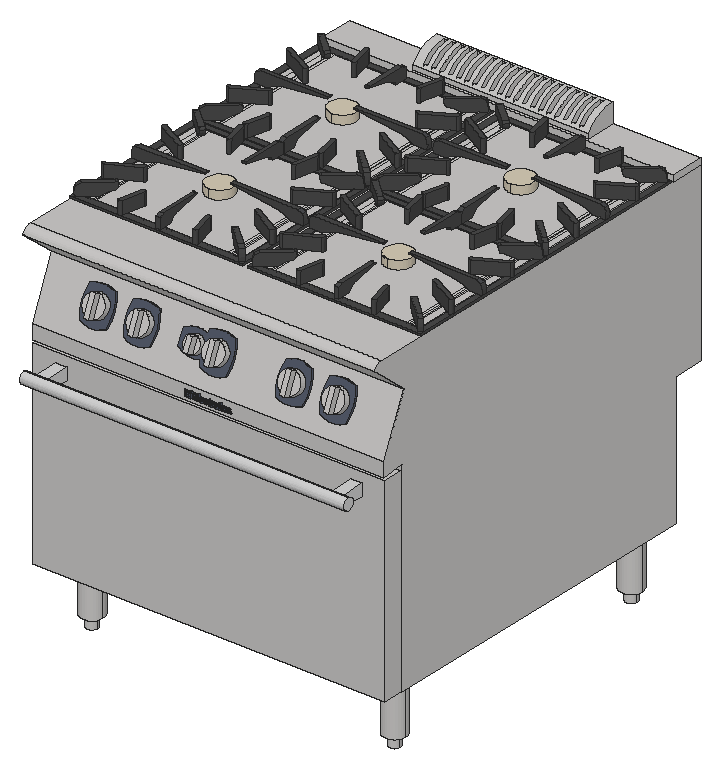
Revit family "QF_ELECTROLUXPROFESSIONAL_391007_E9GCGH4CVL", category Specialty Equipment, Revit 2018 (continued)
Automatic sketch dimensions
  Extrusion 7 sketch curve to Extrusion 7 sketch curve = 5.786 mm  (x2)
  Extrusion 7 sketch curve to Extrusion 7 sketch curve = 88.428 mm
  Extrusion 24 sketch curve to Extrusion 24 sketch curve = 0 mm  (x2)
  Extrusion 1 to Extrusion 24 sketch curve = 166.4 mm
  Extrusion 24 sketch curve to Extrusion 24 sketch curve = 6.4 mm
  Extrusion 1 to Extrusion 24 sketch curve = 248 mm
  Extrusion 5 sketch curve to Extrusion 5 sketch curve = 15.898 mm  (x2)
  Extrusion 5 sketch curve to Extrusion 5 sketch curve = 29.185 mm
  Revolve 13 sketch curve to plane 18 = 12.562 mm  (x2)
  Revolve 15 sketch curve to plane 18 = 12.562 mm  (x2)
  Extrusion 5 sketch curve to Extrusion 5 sketch curve = 33.814 mm
  plane 3 "LEFT" to Revolve 14 sketch curve = 55.563 mm
  Revolve 14 sketch curve to Revolve 14 sketch curve = 0 mm
  Revolve 14 sketch curve to Revolve 14 sketch curve = 12.7 mm
  Revolve 14 sketch curve to Revolve 14 sketch curve = 25.4 mm
  plane 3 "LEFT" to Revolve 16 sketch curve = 55.563 mm
  Revolve 16 sketch curve to Revolve 16 sketch curve = 0 mm
  plane 5 "FRONT" to curve 1 = 0 mm
  curve 10 to plane 3 "LEFT" = 0 mm
  curve 5 to plane 4 "RIGHT" = 0 mm
  curve 10 to plane 15 = 0 mm
  plane 5 "FRONT" to curve 9 = 0 mm
  plane 1 "BACK" to curve 4 = 0 mm
  curve 1 to plane 3 "LEFT" = 100.013 mm
  curve 3 to plane 4 "RIGHT" = 100.013 mm
  curve 3 to plane 5 "FRONT" = 0.396 mm
  plane 11 to curve 7 = 4.762 mm
  curve 2 to plane 1 "BACK" = 100.013 mm
  plane 5 "FRONT" to curve 13 = 7.706 mm
  plane 19 to curve 13 = 25.075 mm
  plane 19 to curve 19 = 5.2 mm
  curve 22 to plane 19 = 20.2 mm
  curve 17 to plane 20 = 20.2 mm
  plane 20 to curve 23 = 5.2 mm
  plane 18 to curve 15 = 12.075 mm
  plane 5 "FRONT" to curve 12 = 33.106 mm
  curve 17 to curve 17 = 23.508 mm
  curve 12 to curve 20 = 9.598 mm
  curve 18 to curve 17 = 7.706 mm
  curve 15 to curve 16 = 7.706 mm
  radius of Extrusion 17 sketch curve to Extrusion 19 = 0 mm
  radius of Extrusion 11 sketch curve = 6.4 mm
  radius of Extrusion 21 sketch curve = 6.4 mm
  radius of Extrusion 22 sketch curve = 6.4 mm
  radius of Extrusion 23 sketch curve = 6.35 mm
  radius of Extrusion 6 sketch curve = 25.4 mm  (x5)
  radius of Extrusion 6 sketch curve = 19.05 mm
  radius of Extrusion 7 sketch curve to Extrusion 6 = 0 mm  (x6)
Nested families
  nested 1: "371009_BURNER" at (393.7, -440.488, 0) x (-1, 0, 0) z (0, 0, 1), type "371009_BURNER"
    with Type Mark "", Status "", Specification by User "", Revision Code "", Item Number "", Installed By "", Identify Quantity as Lot yes, Furnished By "", Foodservice Equipment Identifier yes
  nested 2: "371009_BURNER" at (393.7, -440.488, 0) x (-1, 0, 0) z (0, 0, 1), type "371009_BURNER"
    with Type Mark "", Status "", Specification by User "", Revision Code "", Item Number "", Installed By "", Identify Quantity as Lot yes, Furnished By "", Foodservice Equipment Identifier yes
  nested 3: "371009_BURNER" at (406.4, -440.488, 0), type "371009_BURNER"
    with Type Mark "", Status "", Specification by User "", Revision Code "", Item Number "", Installed By "", Identify Quantity as Lot yes, Furnished By "", Foodservice Equipment Identifier yes
  nested 4: "371009_BURNER" at (406.4, -440.488, 0), type "371009_BURNER"
    with Type Mark "", Status "", Specification by User "", Revision Code "", Item Number "", Installed By "", Identify Quantity as Lot yes, Furnished By "", Foodservice Equipment Identifier yes
Connectors
  piping at (757.1, -30, 406.813), diameter 12.8
    settings: on Extrusion 11, index 1, connector inside diameter 0.50394", connector length 0 mm, flow factor 0, pipe flow 0 GPM, pressure drop 0.00 psi, fitting loss kfactor 0, connector angle 0.00°, fixture units 0, engagement length 0 mm, angle of deflection 0.00°, flow configuration 1, flow direction 1, fitting loss method 0, system type 7, joint type 0, gender type 0, connector reference index -1, connector utility 0, adjustable connector no, is connector primary yes, connector description "GAS"
  electrical at (552.1, -59, 310), driven by "Volts", driven by "Watts"
    settings: on Extrusion 24, index 2, voltage 230 V, apparent load 0 VA, apparent load phase1 0 VA, apparent load phase2 0 VA, apparent load phase3 0 VA, power factor 1, load classification "Other", number of poles 1, system type 30, power factor state 1, is connector primary yes, connector utility no, sub classification motor no, connector description "ELECTRICAL CONNECTION"
Definition of nested family "371009_BURNER"
  Parameters
    Weight in Pounds = 0
    URL Cutsheet = ""
    URL = "www.electrolux.com"
    Type Mark [instance] = ""
    Status [instance] = ""
    Specification by User [instance] = ""
    Specification by Manufacturer = ""
    Show Clearance [instance] = yes
    Serial Number = ""
    Seismic Rating = ""
    SMACNA No = ""
    Revision Code [instance] = ""
    Omniclass Number and Title = ""
    NAFEM Spec ID Number = ""
    Model = "371009"
    Masterspec = ""
    Manufacturer = "ELECTROLUX"
    Item Number [instance] = ""
    Installed By [instance] = ""
    Identify Quantity as Lot [instance] = yes
    Furnished By [instance] = ""
    Foodservice Equipment Identifier [instance] = yes
    Description = ""
    CSI MasterFormat = ""
    CSI Master Format = ""
  Reference planes
    plane 1 "BACK": y = 0
    plane 2: z = 0
    plane 3 "LEFT": x = 0
    plane 4 "RIGHT": x = 393.7
    plane 5 "FRONT": y = -355.6
    plane 6 "TOP": z = 908.85
    plane 7 "Center Y": x = 196.85
    plane 8 "Center X": y = -177.8
    plane 9 "Base": z = 150
    plane 10: z = 850.85
  Forms (mm)
    Extrusion 1, solid
      sketch origin (-6.433, -404.961, 5) x (1, 0, 0) y (0, 0, -1)
        loop
          arc (7.142, -850.85) -> (6.739, -862.989) -> (9.761, -874.752) r 42.809
          line (9.761, -874.752) -> (19.961, -879.425) -> (173.122, -879.425)
          arc (173.122, -879.425) -> (174.316, -878.312) -> (173.289, -877.043) r 1.197
          line (173.289, -877.043) -> (64.848, -864.021)
          arc (64.848, -864.021) -> (50.111, -858.738) -> (36.589, -850.85) r 85.245
          line (36.589, -850.85) -> (7.142, -850.85)
        loop
          line (399.424, -850.85) -> (369.977, -850.85)
          arc (369.977, -850.85) -> (356.455, -858.738) -> (341.718, -864.021) r 85.245
          line (341.718, -864.021) -> (233.277, -877.043)
          arc (233.277, -877.043) -> (232.25, -878.312) -> (233.444, -879.425) r 1.197
          line (233.444, -879.425) -> (386.605, -879.425) -> (396.806, -874.752)
          arc (396.806, -874.752) -> (399.827, -862.989) -> (399.424, -850.85) r 42.809
      from 224.564 to 234.564
    Extrusion 2, solid
      sketch origin (196.85, 175.397, 1219.2) x (0, 1, 0) y (0, 0, 1)
        loop
          line (-204.463, -363.35) -> (-175.397, -363.35) -> (-175.397, -339.506)
          arc (-175.397, -339.506) -> (-181.025, -338.266) -> (-185.611, -334.775) r 13.39
          line (-185.611, -334.775) -> (-278.903, -334.775)
          arc (-278.903, -334.775) -> (-280.097, -335.888) -> (-279.07, -337.157) r 1.197
          line (-279.07, -337.157) -> (-227.151, -347.464)
          arc (-227.151, -347.464) -> (-213.741, -352.457) -> (-204.463, -363.35) r 28.426
        loop
          arc (-496.332, -363.35) -> (-487.053, -352.457) -> (-473.644, -347.464) r 28.426
          line (-473.644, -347.464) -> (-421.725, -337.157)
          arc (-421.725, -337.157) -> (-420.697, -335.888) -> (-421.891, -334.775) r 1.197
          line (-421.891, -334.775) -> (-515.184, -334.775)
          arc (-515.184, -334.775) -> (-519.769, -338.266) -> (-525.397, -339.506) r 13.39
          line (-525.397, -339.506) -> (-525.397, -363.35) -> (-496.332, -363.35)
      from -5 to 5
    Extrusion 3, solid
      sketch origin (-6.433, 367.064, 850.85) x (0, -1, 0) y (1, 0, 0)
        loop
          line (722.664, 6.433) -> (722.664, 400.133) -> (367.064, 400.133) -> (367.064, 6.433) -> (722.664, 6.433)
        loop
          line (382.064, 21.433) -> (707.664, 21.433) -> (707.664, 385.133) -> (382.064, 385.133) -> (382.064, 21.433)
      from 0 to 5
    Extrusion 4, solid
      sketch origin (-18.933, 367.064, 855.85) x (0, -1, 0) y (1, 0, 0)
        loop
          circle (541.667, 215.783) r 30
      from -1.321 to 17.134
    Extrusion 5, solid
      sketch origin (-6.433, -367.064, 0) x (1, 0, 0) y (0, 0, -1)
        loop
          line (21.433, -855.85) -> (36.589, -855.85)
          arc (36.589, -855.85) -> (40.561, -855.243) -> (44.305, -853.783) r 18.259
          arc (44.305, -853.783) -> (45.997, -853.366) -> (47.69, -853.783) r 3.649
          arc (47.69, -853.783) -> (49.901, -854.522) -> (52.232, -854.529) r 7.328
          line (52.232, -854.529) -> (354.334, -854.529)
          arc (354.334, -854.529) -> (356.666, -854.522) -> (358.877, -853.783) r 7.328
          arc (358.877, -853.783) -> (360.569, -853.366) -> (362.261, -853.783) r 3.649
          arc (362.261, -853.783) -> (366.005, -855.243) -> (369.977, -855.85) r 18.259
          line (369.977, -855.85) -> (385.133, -855.85) -> (385.133, -850.85) -> (21.433, -850.85) -> (21.433, -855.85)
      from 26.464 to 352.064
    Extrusion 6, solid
      sketch origin (83.284, -458.334, 5) x (0.742103, 0.670286, 0) y (0, 0, -1)
        loop
          arc (88.629, -864.012) -> (73.909, -858.731) -> (60.402, -850.85) r 85.245
          line (60.402, -850.85) -> (14.993, -850.85)
          arc (14.993, -850.85) -> (14.642, -862.948) -> (17.686, -874.663) r 42.876
          line (17.686, -874.663) -> (27.899, -879.425) -> (89.664, -879.425)
          arc (89.664, -879.425) -> (92.39, -878.352) -> (93.654, -875.709) r 4
          arc (93.654, -875.709) -> (92.562, -869.25) -> (88.629, -864.012) r 13.87
        loop
          arc (457.638, -864.012) -> (453.704, -869.25) -> (452.613, -875.709) r 13.87
          arc (452.613, -875.709) -> (453.876, -878.352) -> (456.603, -879.425) r 4
          line (456.603, -879.425) -> (518.367, -879.425) -> (528.581, -874.663)
          arc (528.581, -874.663) -> (531.624, -862.948) -> (531.273, -850.85) r 42.876
          line (531.273, -850.85) -> (485.865, -850.85)
          arc (485.865, -850.85) -> (472.357, -858.731) -> (457.638, -864.012) r 85.245
      from 127.064 to 137.064
    Extrusion 7, solid
      sketch origin (310.416, -458.334, 5) x (-0.742103, 0.670286, 0) y (0, 0, 1)
        loop
          arc (88.629, 864.012) -> (92.562, 869.25) -> (93.654, 875.709) r 13.87
          arc (93.654, 875.709) -> (92.39, 878.352) -> (89.664, 879.425) r 4
          line (89.664, 879.425) -> (27.899, 879.425) -> (17.686, 874.663)
          arc (17.686, 874.663) -> (14.642, 862.948) -> (14.993, 850.85) r 42.876
          line (14.993, 850.85) -> (60.402, 850.85)
          arc (60.402, 850.85) -> (73.909, 858.731) -> (88.629, 864.012) r 85.245
        loop
          arc (457.638, 864.012) -> (472.357, 858.731) -> (485.865, 850.85) r 85.245
          line (485.865, 850.85) -> (531.273, 850.85)
          arc (531.273, 850.85) -> (531.624, 862.948) -> (528.581, 874.663) r 42.876
          line (528.581, 874.663) -> (518.367, 879.425) -> (456.603, 879.425)
          arc (456.603, 879.425) -> (453.876, 878.352) -> (452.613, 875.709) r 4
          arc (452.613, 875.709) -> (453.704, 869.25) -> (457.638, 864.012) r 13.87
      from 127.064 to 137.064
    Extrusion 8, solid
      sketch origin (-6.433, 367.064, 855.85) x (0, -1, 0) y (1, 0, 0)
        loop
          arc (626.166, 9.428) -> (632.956, 7.454) -> (634.93, 14.244) r 5
          line (634.93, 14.244) -> (600.514, 76.878)
          arc (600.514, 76.878) -> (593.724, 78.852) -> (591.75, 72.062) r 5
          line (591.75, 72.062) -> (626.166, 9.428)
        loop
          line (463.562, 9.428) -> (497.977, 72.062)
          arc (497.977, 72.062) -> (496.003, 78.852) -> (489.213, 76.878) r 5
          line (489.213, 76.878) -> (454.798, 14.244)
          arc (454.798, 14.244) -> (456.772, 7.454) -> (463.562, 9.428) r 5
        loop
          line (626.166, 397.138) -> (591.75, 334.504)
          arc (591.75, 334.504) -> (593.724, 327.714) -> (600.514, 329.689) r 5
          line (600.514, 329.689) -> (634.93, 392.323)
          arc (634.93, 392.323) -> (632.956, 399.113) -> (626.166, 397.138) r 5
        loop
          arc (463.562, 397.138) -> (456.772, 399.113) -> (454.798, 392.323) r 5
          line (454.798, 392.323) -> (489.213, 329.689)
          arc (489.213, 329.689) -> (496.003, 327.714) -> (497.977, 334.504) r 5
          line (497.977, 334.504) -> (463.562, 397.138)
        loop
          line (715.14, 293.499) -> (666.703, 282.317)
          arc (666.703, 282.317) -> (662.956, 276.32) -> (668.953, 272.573) r 5
          line (668.953, 272.573) -> (717.389, 283.756)
          arc (717.389, 283.756) -> (721.136, 289.752) -> (715.14, 293.499) r 5
        loop
          arc (715.14, 113.067) -> (721.136, 116.814) -> (717.389, 122.811) r 5
          line (717.389, 122.811) -> (668.953, 133.993)
          arc (668.953, 133.993) -> (662.956, 130.246) -> (666.703, 124.249) r 5
          line (666.703, 124.249) -> (715.14, 113.067)
        loop
          arc (374.588, 293.499) -> (368.591, 289.752) -> (372.338, 283.756) r 5
          line (372.338, 283.756) -> (420.775, 272.573)
          arc (420.775, 272.573) -> (426.771, 276.32) -> (423.024, 282.317) r 5
          line (423.024, 282.317) -> (374.588, 293.499)
        loop
          line (374.588, 113.067) -> (423.024, 124.249)
          arc (423.024, 124.249) -> (426.771, 130.246) -> (420.775, 133.993) r 5
          line (420.775, 133.993) -> (372.338, 122.811)
          arc (372.338, 122.811) -> (368.591, 116.814) -> (374.588, 113.067) r 5
      from 0 to 28.575
  Lines and regions (mm)
    symbolic lines
      curve 1: line (0, -355.6, 150) -> (393.7, -355.6, 150)
      curve 2: line (0, 0, 150) -> (0, -355.6, 150)
      curve 3: line (393.7, -355.6, 150) -> (393.7, 0, 150)
      curve 4: line (369.633, -15, 150) -> (285.34, -15, 150)
      curve 5: line (24.067, -340.6, 150) -> (108.36, -340.6, 150)
      curve 6: line (157.475, -170.397, 150) -> (157.475, -15, 150)
      curve 7: line (236.225, -170.397, 150) -> (236.225, -15, 150)
      curve 8: line (201.85, -350, 150) -> (201.85, -176.674, 150)
      curve 9: line (0, -180.397, 150) -> (167.224, -180.397, 150)
      curve 10: line (393.7, -170.397, 150) -> (228.275, -170.397, 150)
      curve 11: line (15, -180.397, 150) -> (15, -252.506, 150)
      curve 12: line (45.799, -340.6, 150) -> (45.799, -320.971, 150)
      curve 13: line (167.224, -170.397, 150) -> (0, -170.397, 150)
      curve 14: line (228.275, -180.504, 150) -> (393.7, -180.504, 150)
      curve 15: arc (228.275, -170.397, 150) -> (223.221, -175.45, 150) -> (228.275, -180.504, 150) r 5.054
      curve 16: arc (167.224, -170.397, 150) -> (172.224, -175.397, 150) -> (167.224, -180.397, 150) r 5
      curve 17: line (191.85, -176.674, 150) -> (191.85, -350, 150)
      curve 18: line (201.85, -134.556, 150) -> (201.85, -0.794, 150)
      curve 19: arc (201.85, -176.674, 150) -> (196.85, -171.674, 150) -> (191.85, -176.674, 150) r 5
      curve 20: arc (201.85, -134.556, 150) -> (196.85, -139.556, 150) -> (191.85, -134.556, 150) r 5
      curve 21: line (191.85, -15, 150) -> (118.623, -15, 150)
      curve 22: arc (201.85, -29.042, 150) -> (213.272, -50.008, 150) -> (201.85, -70.973, 150) r 24.953
      curve 23: arc (213.086, -53.048, 150) -> (214.5, -50.008, 150) -> (213.086, -46.967, 150) r 3.975
      curve 24: arc (191.85, -29.852, 150) -> (181.339, -50.008, 150) -> (191.85, -70.163, 150) r 24.58
      curve 25: arc (181.527, -53.042, 150) -> (179.976, -50.008, 150) -> (181.527, -46.973, 150) r 3.745
      curve 26: line (191.85, -0.794, 150) -> (191.85, -134.556, 150)
      curve 27: line (191.85, -350, 150) -> (201.85, -350, 150)
      curve 28: line (191.85, -11.007, 150) -> (201.85, -11.007, 150)
      curve 29: line (191.85, -0.794, 150) -> (201.85, -0.794, 150)
      curve 30: line (201.85, -340.6, 150) -> (275.077, -340.6, 150)
      curve 31: arc (196.85, -145.397, 0) -> (166.955, -172.888, 0) -> (191.85, -204.977, 0) r 30
      curve 32: arc (201.85, -204.977, 0) -> (226.745, -172.888, 0) -> (196.85, -145.397, 0) r 30
      curve 33: arc (158.678, -180.397, 0) -> (170.734, -200.207, 0) -> (191.85, -209.795, 0) r 39.375
      curve 34: line (163.825, -170.397, 150) -> (163.825, -15, 150)
      curve 35: line (229.875, -170.397, 150) -> (229.875, -15, 150)
      curve 36: line (144.775, -170.397, 150) -> (144.775, -15, 150)
      curve 37: line (248.925, -170.397, 150) -> (248.925, -15, 150)
      curve 38: arc (145.678, -180.397, 0) -> (161.728, -209.187, 0) -> (191.85, -222.573, 0) r 52.075
      curve 39: arc (201.85, -209.795, 0) -> (222.966, -200.207, 0) -> (235.022, -180.397, 0) r 39.375
      curve 40: arc (201.85, -222.573, 0) -> (231.931, -209.224, 0) -> (248.001, -180.504, 0) r 52.075
      curve 41: line (393.7, 0, 0) -> (0, 0, 0)
      curve 42: line (70.445, -122.149, 0) -> (7.81, -87.734, 0)
      curve 43: arc (7.81, -87.734, 0) -> (1.021, -89.708, 0) -> (2.995, -96.498, 0) r 5
      curve 44: line (2.995, -96.498, 0) -> (65.629, -130.914, 0)
      curve 45: arc (65.629, -130.914, 0) -> (72.419, -128.939, 0) -> (70.445, -122.149, 0) r 5
      curve 46: line (65.629, -224.686, 0) -> (2.995, -259.102, 0)
      curve 47: arc (2.995, -259.102, 0) -> (1.021, -265.892, 0) -> (7.81, -267.866, 0) r 5
      curve 48: line (7.81, -267.866, 0) -> (70.445, -233.451, 0)
      curve 49: arc (70.445, -233.451, 0) -> (72.419, -226.661, 0) -> (65.629, -224.686, 0) r 5
      curve 50: line (323.255, -122.149, 0) -> (385.89, -87.734, 0)
      curve 51: arc (385.89, -87.734, 0) -> (392.679, -89.708, 0) -> (390.705, -96.498, 0) r 5
      curve 52: line (390.705, -96.498, 0) -> (328.071, -130.914, 0)
      curve 53: arc (328.071, -130.914, 0) -> (321.281, -128.939, 0) -> (323.255, -122.149, 0) r 5
      curve 54: line (328.071, -224.686, 0) -> (390.705, -259.102, 0)
      curve 55: arc (390.705, -259.102, 0) -> (392.679, -265.892, 0) -> (385.89, -267.866, 0) r 5
      curve 56: line (385.89, -267.866, 0) -> (323.255, -233.451, 0)
      curve 57: arc (323.255, -233.451, 0) -> (321.281, -226.661, 0) -> (328.071, -224.686, 0) r 5
      curve 58: line (118.623, -340.6, 150) -> (191.85, -340.6, 150)
      curve 59: line (285.34, -340.6, 150) -> (369.633, -340.6, 150)
      curve 60: line (378.7, -335.314, 0) -> (378.7, -263.916, 0)
      curve 61: line (1.326, -7.935, 0) -> (58.752, -59.804, 0)
      curve 62: line (65.455, -52.383, 0) -> (8.029, -0.514, 0)
      curve 63: arc (58.752, -59.804, 0) -> (65.814, -59.445, 0) -> (65.455, -52.383, 0) r 5
      curve 64: line (1.326, -7.935, 0) -> (8.029, -0.514, 0)
      curve 65: line (392.374, -7.935, 0) -> (334.948, -59.804, 0)
      curve 66: line (328.245, -52.383, 0) -> (385.671, -0.514, 0)
      curve 67: arc (334.948, -59.804, 0) -> (327.886, -59.445, 0) -> (328.245, -52.383, 0) r 5
      curve 68: line (392.374, -7.935, 0) -> (385.671, -0.514, 0)
      curve 69: line (392.374, -347.665, 0) -> (334.948, -295.796, 0)
      curve 70: line (328.245, -303.217, 0) -> (385.671, -355.086, 0)
      curve 71: arc (334.948, -295.796, 0) -> (327.886, -296.155, 0) -> (328.245, -303.217, 0) r 5
      curve 72: line (392.374, -347.665, 0) -> (385.671, -355.086, 0)
      curve 73: line (1.326, -347.665, 0) -> (58.752, -295.796, 0)
      curve 74: line (65.455, -303.217, 0) -> (8.029, -355.086, 0)
      curve 75: arc (58.752, -295.796, 0) -> (65.814, -296.155, 0) -> (65.455, -303.217, 0) r 5
      curve 76: line (1.326, -347.665, 0) -> (8.029, -355.086, 0)
      curve 77: line (347.901, -15, 0) -> (347.901, -34.629, 0)
      curve 78: line (347.901, -320.971, 0) -> (347.901, -340.6, 0)
      curve 79: line (378.7, -252.506, 0) -> (378.7, -180.397, 0)
      curve 80: line (347.901, -246.993, 0) -> (347.901, -307.496, 0)
      curve 81: line (378.7, -170.397, 0) -> (378.7, -103.094, 0)
      curve 82: line (347.901, -180.397, 0) -> (347.901, -235.582, 0)
      curve 83: line (378.7, -91.684, 0) -> (378.7, -20.286, 0)
      curve 84: line (347.901, -120.018, 0) -> (347.901, -170.397, 0)
      curve 85: line (347.901, -48.104, 0) -> (347.901, -108.607, 0)
      curve 86: line (275.077, -15, 150) -> (201.85, -15, 150)
      curve 87: line (108.36, -15, 150) -> (24.067, -15, 150)
      curve 88: line (45.799, -40, 150) -> (45.799, -15, 150)
      curve 89: line (45.799, -108.607, 150) -> (45.799, -40, 150)
      curve 90: line (15, -20.286, 0) -> (15, -91.684, 0)
      curve 91: line (15, -103.094, 0) -> (15, -170.397, 0)
      curve 92: line (45.799, -170.397, 150) -> (45.799, -120.018, 150)
      curve 93: line (45.799, -235.582, 150) -> (45.799, -180.397, 150)
      curve 94: line (15, -263.916, 150) -> (15, -335.314, 150)
      curve 95: line (45.799, -307.496, 150) -> (45.799, -246.993, 150)
      curve 96: line (116.378, -350.325, 0) -> (127.56, -301.889, 0)
      curve 97: arc (127.56, -301.889, 0) -> (123.813, -295.892, 0) -> (117.816, -299.64, 0) r 5
      curve 98: line (117.816, -299.64, 0) -> (106.634, -348.076, 0)
      curve 99: arc (106.634, -348.076, 0) -> (110.381, -354.072, 0) -> (116.378, -350.325, 0) r 5
      curve 100: line (266.14, -301.889, 0) -> (277.322, -350.325, 0)
      curve 101: arc (277.322, -350.325, 0) -> (283.319, -354.072, 0) -> (287.066, -348.076, 0) r 5
      curve 102: line (287.066, -348.076, 0) -> (275.884, -299.64, 0)
      curve 103: arc (275.884, -299.64, 0) -> (269.887, -295.892, 0) -> (266.14, -301.889, 0) r 5
      curve 104: line (275.884, -55.96, 0) -> (287.066, -7.524, 0)
      curve 105: arc (287.066, -7.524, 0) -> (283.319, -1.528, 0) -> (277.322, -5.275, 0) r 5
      curve 106: line (277.322, -5.275, 0) -> (266.14, -53.711, 0)
      curve 107: arc (266.14, -53.711, 0) -> (269.887, -59.708, 0) -> (275.884, -55.96, 0) r 5
      curve 108: line (127.56, -53.711, 0) -> (116.378, -5.275, 0)
      curve 109: arc (116.378, -5.275, 0) -> (110.381, -1.528, 0) -> (106.634, -7.524, 0) r 5
      curve 110: line (106.634, -7.524, 0) -> (117.816, -55.96, 0)
      curve 111: arc (117.816, -55.96, 0) -> (123.813, -59.708, 0) -> (127.56, -53.711, 0) r 5
  Dimensions and locks
    equal spacing: plane 3 "LEFT", plane 7 "Center Y", plane 4 "RIGHT"
    plane 3 "LEFT" to plane 4 "RIGHT" = 393.7 mm
    equal spacing: plane 5 "FRONT", plane 8 "Center X", plane 1 "BACK"
    plane 5 "FRONT" to plane 1 "BACK" = 355.6 mm
    plane 6 "TOP" to level = 908.85 mm
    plane 9 "Base" to level = 150 mm
    plane 6 "TOP" to plane 10 = 58 mm  (x2)
    locked: Extrusion 4 sketch curve to plane 7 "Center Y" at 0
    aligned and locked: level to plane 2
  Automatic sketch dimensions
    curve 10 to plane 4 "RIGHT" = 0 mm
    curve 20 to plane 7 "Center Y" = 0 mm
    curve 19 to plane 7 "Center Y" = 0 mm
    curve 9 to plane 3 "LEFT" = 0 mm
    plane 1 "BACK" to curve 2 = 0 mm
    plane 1 "BACK" to curve 3 = 0 mm
    plane 5 "FRONT" to curve 2 = 0 mm
    curve 4 to plane 4 "RIGHT" = 24.067 mm
    curve 59 to plane 4 "RIGHT" = 24.067 mm
    plane 1 "BACK" to curve 37 = 15 mm
    plane 7 "Center Y" to curve 37 = 52.075 mm
    curve 37 to curve 7 = 12.7 mm
    curve 7 to curve 35 = 6.35 mm
    plane 8 "Center X" to curve 15 = 2.35 mm
    curve 35 to curve 15 = 1.6 mm
    plane 7 "Center Y" to curve 23 = 16.236 mm
    curve 23 to curve 23 = 0 mm
    curve 23 to curve 23 = 2.56 mm
    curve 23 to curve 24 = 4.607 mm
    plane 7 "Center Y" to curve 86 = 5 mm
    plane 7 "Center Y" to curve 27 = 5 mm
    curve 22 to plane 7 "Center Y" = 8.531 mm
    curve 22 to curve 25 = 4.597 mm
    curve 25 to curve 25 = 2.194 mm  (x2)
    curve 9 to plane 8 "Center X" = 2.597 mm
    curve 17 to curve 9 = 24.626 mm
    curve 21 to curve 34 = 28.025 mm
    curve 34 to curve 6 = 6.35 mm
    plane 8 "Center X" to curve 36 = 7.403 mm
    curve 6 to curve 36 = 12.7 mm
    plane 3 "LEFT" to curve 12 = 45.799 mm
    plane 3 "LEFT" to curve 87 = 24.067 mm
    plane 3 "LEFT" to curve 5 = 24.067 mm
    plane 1 "BACK" to curve 26 = 0.794 mm
    curve 28 to curve 86 = 3.993 mm
    curve 28 to curve 21 = 3.993 mm
    curve 86 to curve 22 = 14.042 mm
    curve 22 to curve 24 = 0.81 mm
    curve 22 to curve 23 = 17.925 mm
    curve 25 to curve 22 = 3.035 mm
    plane 8 "Center X" to curve 26 = 43.244 mm
    curve 15 to curve 15 = 5.054 mm
    plane 8 "Center X" to curve 17 = 1.126 mm
    curve 94 to curve 12 = 5.286 mm
    curve 58 to plane 5 "FRONT" = 15 mm
    curve 59 to plane 5 "FRONT" = 15 mm
    curve 8 to plane 5 "FRONT" = 5.6 mm
    plane 3 "LEFT" to Extrusion 1 sketch curve = 0.709 mm
    plane 3 "LEFT" to Extrusion 1 sketch curve = 3.327 mm
    Extrusion 1 sketch curve to Extrusion 1 sketch curve = 10.201 mm
    plane 10 to Extrusion 1 sketch curve = 5 mm  (x2)
    Extrusion 1 sketch curve to Extrusion 1 sketch curve = 29.447 mm
    Extrusion 1 sketch curve to Extrusion 1 sketch curve = 12.704 mm  (x2)
    Extrusion 1 sketch curve to Extrusion 1 sketch curve = 15.555 mm  (x2)
    plane 3 "LEFT" to Extrusion 1 sketch curve = 79.689 mm
    Extrusion 1 sketch curve to plane 7 "Center Y" = 30.161 mm
    Extrusion 1 sketch curve to Extrusion 1 sketch curve = 0.167 mm  (x2)
    plane 7 "Center Y" to Extrusion 1 sketch curve = 29.994 mm
    Extrusion 1 sketch curve to plane 4 "RIGHT" = 79.689 mm
    plane 10 to Extrusion 1 sketch curve = 18.171 mm
    Extrusion 1 sketch curve to plane 4 "RIGHT" = 58.415 mm
    Extrusion 1 sketch curve to plane 4 "RIGHT" = 13.528 mm
    Extrusion 1 sketch curve to plane 4 "RIGHT" = 3.327 mm
    Extrusion 1 sketch curve to plane 4 "RIGHT" = 0.709 mm
    Extrusion 1 sketch curve to Extrusion 1 sketch curve = 23.902 mm  (x2)
    Extrusion 1 sketch curve to plane 6 "TOP" = 26.807 mm  (x2)
    Extrusion 1 sketch curve to Extrusion 1 sketch curve = 1.185 mm  (x2)
    Extrusion 1 sketch curve to Extrusion 1 sketch curve = 5.694 mm
    Extrusion 2 sketch curve to plane 1 "BACK" = 0 mm
    plane 1 "BACK" to Extrusion 2 sketch curve = 10.213 mm
    plane 10 to Extrusion 2 sketch curve = 5 mm  (x2)
    plane 1 "BACK" to Extrusion 2 sketch curve = 29.066 mm
    plane 10 to Extrusion 2 sketch curve = 20.886 mm
    Extrusion 2 sketch curve to Extrusion 2 sketch curve = 22.688 mm  (x2)
    Extrusion 2 sketch curve to plane 10 = 7.392 mm  (x2)
    Extrusion 2 sketch curve to plane 6 "TOP" = 24.425 mm
    Extrusion 2 sketch curve to Extrusion 2 sketch curve = 51.752 mm
    Extrusion 2 sketch curve to plane 6 "TOP" = 26.807 mm  (x2)
    Extrusion 2 sketch curve to Extrusion 2 sketch curve = 0.167 mm  (x2)
    Extrusion 2 sketch curve to plane 8 "Center X" = 68.528 mm
    Extrusion 2 sketch curve to plane 5 "FRONT" = 60.248 mm
    Extrusion 2 sketch curve to Extrusion 2 sketch curve = 2.895 mm
    Extrusion 2 sketch curve to plane 5 "FRONT" = 15.813 mm
    Extrusion 2 sketch curve to plane 5 "FRONT" = 5.6 mm
    Extrusion 2 sketch curve to Extrusion 2 sketch curve = 4.731 mm
    Extrusion 2 sketch curve to Extrusion 2 sketch curve = 23.844 mm
    Extrusion 2 sketch curve to Extrusion 2 sketch curve = 1.185 mm
    plane 1 "BACK" to Extrusion 3 sketch curve = 0 mm
    Extrusion 3 sketch curve to plane 3 "LEFT" = 0 mm
    plane 5 "FRONT" to Extrusion 3 sketch curve = 0 mm
    Extrusion 3 sketch curve to plane 4 "RIGHT" = 0 mm
    plane 1 "BACK" to Extrusion 3 sketch curve = 15 mm
    Extrusion 3 sketch curve to plane 5 "FRONT" = 15 mm
    plane 3 "LEFT" to Extrusion 3 sketch curve = 15 mm
    Extrusion 3 sketch curve to plane 4 "RIGHT" = 15 mm
    Extrusion 3 to Extrusion 4 sketch curve = 159.603 mm
    Extrusion 5 sketch curve to plane 10 = 0 mm
    plane 3 "LEFT" to Extrusion 5 sketch curve = 15 mm
    Extrusion 5 sketch curve to Extrusion 5 sketch curve = 14.402 mm
    plane 10 to Extrusion 5 sketch curve = 5 mm
    Extrusion 5 sketch curve to Extrusion 5 sketch curve = 15.156 mm
    plane 10 to Extrusion 5 sketch curve = 2.933 mm  (x3)
    Extrusion 5 sketch curve to Extrusion 5 sketch curve = 7.716 mm  (x2)
    Extrusion 5 sketch curve to Extrusion 5 sketch curve = 0 mm  (x3)
    Extrusion 5 sketch curve to Extrusion 5 sketch curve = 1.692 mm  (x2)
    Extrusion 5 sketch curve to Extrusion 5 sketch curve = 3.385 mm  (x2)
    Extrusion 5 sketch curve to plane 10 = 3.559 mm  (x2)
    plane 10 to Extrusion 5 sketch curve = 3.679 mm
    Extrusion 5 sketch curve to plane 4 "RIGHT" = 45.799 mm
    Extrusion 5 sketch curve to Extrusion 5 sketch curve = 1.143 mm
    Extrusion 5 sketch curve to plane 10 = 13.244 mm
    Extrusion 5 sketch curve to plane 4 "RIGHT" = 15 mm
    plane 10 to Extrusion 6 sketch curve = 5 mm  (x2)
    Extrusion 6 sketch curve to Extrusion 6 sketch curve = 2.692 mm  (x2)
    Extrusion 6 sketch curve to Extrusion 6 sketch curve = 10.213 mm  (x2)
    plane 10 to Extrusion 6 sketch curve = 12.281 mm
    Extrusion 6 sketch curve to Extrusion 6 sketch curve = 29.348 mm  (x2)
    Extrusion 6 sketch curve to Extrusion 6 sketch curve = 3.155 mm  (x2)
    Extrusion 6 sketch curve to Extrusion 6 sketch curve = 22.572 mm
    Extrusion 6 sketch curve to Extrusion 6 sketch curve = 8.81 mm
    Extrusion 6 sketch curve to Extrusion 6 sketch curve = 9.845 mm  (x2)
    Extrusion 6 sketch curve to Extrusion 6 sketch curve = 3.99 mm  (x2)
    Extrusion 6 sketch curve to Extrusion 6 sketch curve = 0 mm  (x2)
    Extrusion 6 sketch curve to Extrusion 6 sketch curve = 49.533 mm
    Extrusion 6 sketch curve to plane 10 = 64.377 mm
    Extrusion 6 sketch curve to Extrusion 6 sketch curve = 326.397 mm
    Extrusion 6 sketch curve to plane 6 "TOP" = 28.141 mm
    Extrusion 6 sketch curve to Extrusion 6 sketch curve = 16.281 mm
    Extrusion 6 sketch curve to Extrusion 6 sketch curve = 1.035 mm
    Extrusion 6 sketch curve to Extrusion 6 sketch curve = 19.417 mm
    Extrusion 6 sketch curve to Extrusion 6 sketch curve = 4.763 mm  (x2)
    Extrusion 6 sketch curve to Extrusion 6 sketch curve = 3.716 mm
    plane 10 to Extrusion 7 sketch curve = 5 mm  (x2)
    Extrusion 7 sketch curve to Extrusion 7 sketch curve = 2.692 mm  (x2)
    Extrusion 7 sketch curve to Extrusion 7 sketch curve = 10.213 mm  (x2)
    plane 10 to Extrusion 7 sketch curve = 12.281 mm
    Extrusion 7 sketch curve to Extrusion 7 sketch curve = 29.348 mm  (x2)
    Extrusion 7 sketch curve to Extrusion 7 sketch curve = 3.155 mm  (x2)
    Extrusion 7 sketch curve to Extrusion 7 sketch curve = 22.572 mm
    Extrusion 7 sketch curve to Extrusion 7 sketch curve = 8.81 mm
    Extrusion 7 sketch curve to Extrusion 7 sketch curve = 9.845 mm  (x2)
    Extrusion 7 sketch curve to Extrusion 7 sketch curve = 3.99 mm  (x2)
    Extrusion 7 sketch curve to Extrusion 7 sketch curve = 0 mm  (x2)
    Extrusion 7 sketch curve to Extrusion 7 sketch curve = 21.306 mm
    Extrusion 7 sketch curve to plane 10 = 64.377 mm  (x2)
    Extrusion 7 sketch curve to Extrusion 7 sketch curve = 326.397 mm
    Extrusion 7 sketch curve to plane 6 "TOP" = 28.141 mm
    Extrusion 7 sketch curve to Extrusion 7 sketch curve = 16.281 mm
    Extrusion 7 sketch curve to Extrusion 7 sketch curve = 1.035 mm
    Extrusion 7 sketch curve to Extrusion 7 sketch curve = 19.417 mm
    Extrusion 7 sketch curve to Extrusion 7 sketch curve = 7.281 mm
    Extrusion 7 sketch curve to Extrusion 7 sketch curve = 10.713 mm
    curve 58 to curve 12 = 72.824 mm
    curve 30 to curve 30 = 73.227 mm
    curve 58 to curve 5 = 10.263 mm
    curve 5 to curve 58 = 0 mm
    curve 59 to curve 30 = 10.263 mm
    curve 30 to curve 8 = 9.4 mm
    curve 31 to curve 32 = 0 mm
    curve 33 to curve 38 = 0 mm  (x2)
    curve 33 to curve 39 = 0 mm  (x2)
    curve 33 to curve 40 = 0 mm  (x2)
    plane 1 "BACK" to curve 41 = 0 mm
    curve 41 to plane 3 "LEFT" = 0 mm
    curve 31 to plane 7 "Center Y" = 0 mm
    curve 33 to plane 7 "Center Y" = 0 mm
    curve 41 to plane 4 "RIGHT" = 0 mm
    plane 3 "LEFT" to curve 76 = 1.326 mm
    plane 3 "LEFT" to curve 64 = 1.326 mm
    plane 3 "LEFT" to curve 44 = 2.995 mm
    plane 3 "LEFT" to curve 46 = 2.995 mm
    curve 43 to curve 43 = 2.408 mm
    curve 46 to curve 47 = 2.408 mm
    curve 47 to curve 47 = 2.408 mm
    curve 43 to curve 42 = 2.408 mm
    curve 76 to plane 5 "FRONT" = 0.514 mm
    plane 3 "LEFT" to curve 76 = 8.029 mm
    plane 1 "BACK" to curve 62 = 0.514 mm
    plane 3 "LEFT" to curve 62 = 8.029 mm
    curve 48 to curve 75 = 50.941 mm
    curve 43 to curve 63 = 50.941 mm
    curve 75 to curve 75 = 3.351 mm
    curve 63 to curve 63 = 3.351 mm
    plane 1 "BACK" to curve 62 = 52.383 mm
    curve 63 to curve 62 = 3.351 mm
    curve 74 to plane 5 "FRONT" = 52.383 mm
    curve 75 to curve 74 = 3.351 mm
    plane 3 "LEFT" to curve 46 = 65.629 mm
    plane 3 "LEFT" to curve 44 = 65.629 mm
    curve 45 to curve 45 = 2.408 mm
    curve 46 to curve 49 = 2.408 mm
    curve 49 to curve 48 = 2.408 mm
    curve 45 to curve 42 = 2.408 mm
    curve 38 to plane 8 "Center X" = 2.597 mm
    curve 38 to plane 7 "Center Y" = 51.172 mm
    curve 33 to plane 8 "Center X" = 2.597 mm
    curve 38 to curve 33 = 12.999 mm
    curve 33 to plane 7 "Center Y" = 5 mm
    curve 38 to plane 7 "Center Y" = 5 mm
    curve 31 to curve 33 = 0 mm
    plane 7 "Center Y" to curve 32 = 5 mm
    plane 7 "Center Y" to curve 40 = 5 mm
    curve 39 to curve 32 = 0 mm
    curve 39 to plane 8 "Center X" = 2.597 mm
    plane 7 "Center Y" to curve 39 = 38.172 mm
    curve 40 to plane 8 "Center X" = 2.704 mm
    curve 39 to curve 40 = 12.979 mm
    curve 50 to plane 4 "RIGHT" = 70.445 mm
    curve 57 to plane 4 "RIGHT" = 70.445 mm
    curve 50 to curve 53 = 2.408 mm
    curve 57 to curve 57 = 2.408 mm  (x2)
    curve 53 to curve 53 = 2.408 mm
    curve 71 to curve 71 = 3.351 mm
    curve 67 to curve 67 = 3.351 mm
    curve 71 to curve 69 = 3.351 mm
    curve 67 to curve 65 = 3.351 mm
    curve 60 to plane 4 "RIGHT" = 15 mm
    curve 72 to plane 5 "FRONT" = 0.514 mm
    curve 72 to plane 4 "RIGHT" = 8.029 mm
    plane 1 "BACK" to curve 68 = 0.514 mm
    curve 68 to plane 4 "RIGHT" = 8.029 mm
    curve 50 to plane 4 "RIGHT" = 7.81 mm
    curve 55 to plane 4 "RIGHT" = 7.81 mm
    curve 55 to curve 55 = 2.408 mm
    curve 50 to curve 51 = 2.408 mm
    curve 55 to plane 4 "RIGHT" = 2.995 mm
    curve 51 to plane 4 "RIGHT" = 2.995 mm
    curve 69 to plane 4 "RIGHT" = 1.326 mm
    curve 65 to plane 4 "RIGHT" = 1.326 mm
    curve 72 to plane 5 "FRONT" = 7.935 mm
    curve 60 to plane 5 "FRONT" = 20.286 mm
    curve 71 to curve 56 = 27.93 mm
    curve 73 to curve 48 = 27.93 mm
    curve 47 to curve 47 = 4.382 mm
    curve 55 to curve 55 = 4.382 mm
    curve 56 to plane 8 "Center X" = 55.651 mm
    curve 48 to plane 8 "Center X" = 55.651 mm
    curve 57 to curve 57 = 4.382 mm
    curve 49 to curve 49 = 4.382 mm
    curve 40 to plane 8 "Center X" = 44.773 mm
    curve 39 to curve 32 = 4.818 mm
    plane 8 "Center X" to curve 31 = 2.403 mm
    plane 8 "Center X" to curve 45 = 46.886 mm
    plane 8 "Center X" to curve 52 = 46.886 mm
    curve 53 to curve 53 = 4.382 mm
    curve 45 to curve 45 = 4.382 mm
    curve 53 to curve 52 = 34.416 mm
    curve 44 to curve 61 = 36.694 mm
    curve 43 to curve 43 = 4.382 mm
    curve 51 to curve 51 = 4.382 mm
    curve 51 to curve 65 = 27.93 mm
    plane 1 "BACK" to curve 83 = 20.286 mm
    plane 1 "BACK" to curve 88 = 15 mm
    plane 1 "BACK" to curve 77 = 15 mm
    curve 77 to curve 83 = 30.799 mm
    curve 78 to plane 5 "FRONT" = 15 mm
    curve 80 to curve 71 = 7.989 mm
    curve 78 to curve 60 = 30.799 mm
    curve 78 to curve 80 = 13.475 mm
    curve 55 to curve 79 = 10.979 mm
    curve 82 to curve 57 = 6.514 mm
    curve 80 to curve 78 = 0 mm
    curve 80 to curve 82 = 11.41 mm
    curve 77 to curve 66 = 37.77 mm
    curve 60 to curve 79 = 11.41 mm
    plane 8 "Center X" to curve 81 = 7.403 mm
    plane 8 "Center X" to curve 84 = 7.403 mm
    curve 82 to plane 8 "Center X" = 2.597 mm
    curve 82 to curve 84 = 0 mm
    curve 79 to plane 8 "Center X" = 2.597 mm
    curve 79 to curve 81 = 0 mm
    curve 81 to curve 51 = 10.979 mm
    curve 53 to curve 85 = 17.924 mm
    curve 84 to curve 81 = 30.799 mm
    curve 84 to curve 85 = 11.41 mm
    curve 52 to curve 84 = 19.83 mm
    curve 81 to curve 83 = 11.41 mm
    curve 67 to curve 85 = 7.989 mm
    curve 85 to curve 77 = 0 mm
    curve 85 to curve 77 = 13.475 mm
    curve 86 to curve 37 = 26.152 mm
    curve 4 to curve 86 = 10.263 mm
    curve 86 to curve 4 = 0 mm
    curve 36 to curve 21 = 26.152 mm
    curve 88 to curve 88 = 25 mm
    plane 8 "Center X" to curve 89 = 69.193 mm
    curve 43 to curve 90 = 9.597 mm
    curve 43 to curve 90 = 0.432 mm
    plane 1 "BACK" to curve 90 = 20.286 mm
    curve 93 to plane 8 "Center X" = 2.597 mm
    plane 8 "Center X" to curve 91 = 7.403 mm
    curve 95 to plane 8 "Center X" = 69.193 mm
    curve 93 to curve 94 = 28.333 mm
    curve 95 to curve 12 = 33.104 mm
    curve 21 to curve 87 = 10.263 mm
    curve 87 to curve 21 = 0 mm
    curve 91 to curve 90 = 11.41 mm
    curve 89 to curve 87 = 21.732 mm
    curve 89 to curve 92 = 11.41 mm
    curve 92 to curve 89 = 0 mm
    plane 8 "Center X" to curve 92 = 7.403 mm
    curve 91 to curve 90 = 0 mm
    curve 93 to curve 95 = 0 mm
    curve 93 to curve 95 = 11.41 mm
    curve 11 to curve 94 = 0 mm
    curve 11 to curve 94 = 11.41 mm
    curve 95 to curve 11 = 30.799 mm
    curve 95 to curve 12 = 13.475 mm
    plane 3 "LEFT" to curve 95 = 45.799 mm
    curve 95 to curve 5 = 33.104 mm
    Extrusion 8 sketch curve to Extrusion 3 = 5.275 mm  (x2)
    Extrusion 8 sketch curve to Extrusion 8 sketch curve = 1.125 mm  (x16)
    Extrusion 3 to Extrusion 8 sketch curve = 38.711 mm  (x2)
    Extrusion 8 sketch curve to Extrusion 3 = 7.19 mm  (x3)
    Extrusion 3 to Extrusion 8 sketch curve = 72.734 mm  (x2)
    Extrusion 8 sketch curve to Extrusion 8 sketch curve = 4.382 mm  (x16)
    Extrusion 8 sketch curve to Extrusion 3 = 2.995 mm  (x4)
    Extrusion 8 sketch curve to Extrusion 8 sketch curve = 34.416 mm  (x4)
    Extrusion 3 to Extrusion 8 sketch curve = 50.629 mm  (x3)
    Extrusion 8 sketch curve to Extrusion 8 sketch curve = 93.773 mm  (x2)
    Extrusion 3 to Extrusion 8 sketch curve = 40.96 mm  (x2)
    Extrusion 8 sketch curve to Extrusion 3 = 7.476 mm  (x2)
    Extrusion 8 sketch curve to Extrusion 8 sketch curve = 2.408 mm  (x4)
    Extrusion 3 to Extrusion 8 sketch curve = 91.634 mm  (x2)
    Extrusion 8 sketch curve to Extrusion 8 sketch curve = 4.872 mm  (x8)
    Extrusion 8 sketch curve to Extrusion 8 sketch curve = 11.182 mm  (x4)
    Extrusion 3 to Extrusion 8 sketch curve = 112.56 mm
    Extrusion 8 sketch curve to Extrusion 8 sketch curve = 61.931 mm
    Extrusion 3 to Extrusion 8 sketch curve = 55.445 mm
    Extrusion 8 sketch curve to Extrusion 8 sketch curve = 4.816 mm
    curve 67 to curve 85 = 19.656 mm
    curve 71 to curve 80 = 19.656 mm
    curve 99 to plane 5 "FRONT" = 7.524 mm
    curve 74 to curve 99 = 41.179 mm
    curve 98 to curve 99 = 4.872 mm
    curve 96 to plane 5 "FRONT" = 5.275 mm
    curve 99 to curve 96 = 4.872 mm
    curve 99 to curve 98 = 11.182 mm
    curve 98 to curve 97 = 4.872 mm
    curve 96 to plane 5 "FRONT" = 53.711 mm
    curve 97 to curve 96 = 4.872 mm
    curve 97 to curve 97 = 1.125 mm
    curve 103 to curve 70 = 62.105 mm
    curve 103 to curve 103 = 4.872 mm  (x2)
    curve 100 to plane 5 "FRONT" = 5.275 mm
    curve 100 to curve 100 = 11.182 mm
    curve 101 to curve 101 = 4.872 mm
    curve 102 to plane 5 "FRONT" = 7.524 mm
    curve 101 to curve 102 = 4.872 mm
    curve 100 to curve 100 = 48.436 mm
    curve 103 to curve 103 = 1.125 mm
    curve 106 to curve 67 = 62.105 mm
    curve 107 to curve 107 = 4.872 mm
    plane 1 "BACK" to curve 104 = 55.96 mm
    curve 107 to curve 104 = 4.872 mm
    plane 1 "BACK" to curve 105 = 5.275 mm
    curve 107 to curve 105 = 11.182 mm
    curve 105 to curve 105 = 4.872 mm  (x2)
    curve 107 to curve 107 = 1.125 mm
    plane 1 "BACK" to curve 104 = 7.524 mm
    plane 1 "BACK" to curve 109 = 7.524 mm
    curve 62 to curve 109 = 41.179 mm
    curve 109 to curve 109 = 4.872 mm
    plane 1 "BACK" to curve 108 = 5.275 mm
    curve 109 to curve 108 = 4.872 mm
    curve 110 to curve 111 = 11.182 mm
    curve 110 to curve 111 = 4.872 mm
    plane 1 "BACK" to curve 108 = 53.711 mm
    curve 111 to curve 108 = 4.872 mm
    curve 111 to curve 108 = 2.25 mm
    radius of Extrusion 4 sketch curve = 30 mm
